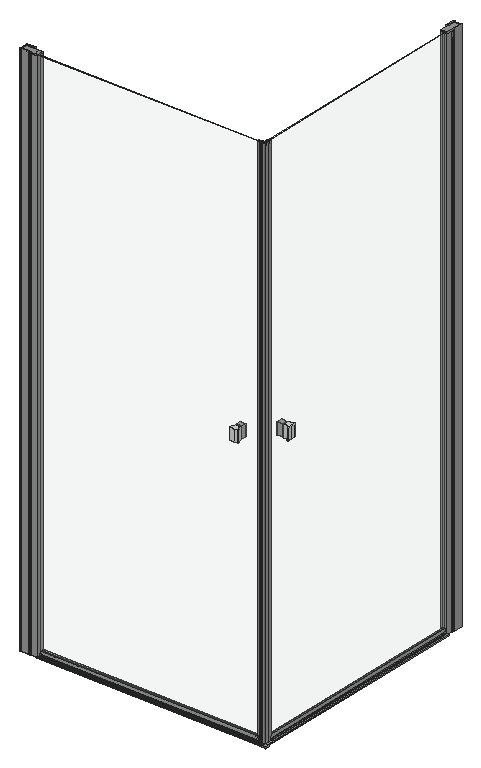
Revit family "Sanitary_Shower-screens_Duscholux_D2Swing_Pivot-twin-doors-angle-acces-shower", category Aparatos sanitarios, Revit 2019
Family settings
  Cota de conector redondo = Diámetro de uso
  Tipo de pieza = Normal
  Número OmniClass = 23.45.00.00
  Título OmniClass = Sanitary, Laundry, and Cleaning Equipment
  Se basa en plano de trabajo = No
  Siempre vertical = Sí
  Corte con vacíos al cargar = No
  Compartido = No
  Punto de cálculo de habitación = No
Parameters (values of type "Black Aluminium Finish")
  Width lateral side = 900 mm
  Width front side = 900 mm
  URL = "http://www.duscholux.es/"
  Thickness Glass = 5 mm  # constant formula
  Technical Inspection Certificate (Applus) = "https://www.duscholux.es/es/Descargas/"
  Series = "D2"
  Ref. = "SPF / SPG"
  Products = "http://www.duscholux.es/mamparas_filtro.aspx?es"
  Opening lateral angle = 0.00°
  Opening System Image = "http://blob.duscholux.es/pluma512/AD2pabatible180.gif"
  Opening System = "Pivot Door"
  Opening front angle = 0.00°
  Modelo = "D2 Swing"
  Min Max Width lateral side = if(Width lateral side < 500 mm, 500 mm, if(Width lateral side > 1100 mm, 1100 mm, Width lateral side))  # 900 mm
  Min Max Width front side = if(Width front side < 500 mm, 500 mm, if(Width front side > 1100 mm, 1100 mm, Width front side))  # 900 mm
  Max Height = if(Height > 2000 mm, 2000 mm, Height)  # 2000 mm
  Maintenance and Cleaning = "https://www.duscholux.es/es/Cuidado-y-limpieza/"
  Lateral door aperture = Min Max Width lateral side - 17.8 mm - 52.6 mm  # 829.6 mm
  Image = "https://www.duscholux.es/medium/D2_SWING_AD_2P_PLATA.jpg?m=7408&w=960&h=768&g=0"
  Height = 2000 mm
  Handle Material = Anodized Aluminium_Duscholux Material-Black Finish
  Handle Height = Max Height / 2  # 1000 mm
  Glass in Building UNE EN 12150 = "CE Conformity marking"
  Glass Material = Glass_Material-Duscholux
  Frame Material = Anodized Aluminium_Duscholux Material-Black Finish
  Fact Sheet = "https://www.duscholux.es/es/Producto/D2-Swing-Angular-para-ducha-de-2-puertas-abatibles-180%C2%BA"
  Fabricante = "Duscholux Ibérica, S.A."
  Environmental Management ISO 14001 = "ECOEMBES Certificate"
  Front door aperture = Min Max Width front side - 17.8 mm - 52.6 mm  # 829.6 mm
  Descripción = "Pivot twin doors at 180º with angle access. for shower"
  Código de montaje = "C1030200"
  Configuration enclosure = "http://configuratumampara.duscholux.es/eCatalogo.aspx"
  Components = "Eropean components"
  Type Comments = ""
  Combinations = "Lateral 90° / Lateral180°"
  Certified Quality UNE EN 14428 = "http://www.duscholux.es/duscholux_downloads.aspx?es"
  Accesories Material = Plastic_Duscholux Material-Black Finish
Types (4, lengths in mm): name | Handle Material | Frame Material | Accesories Material
  (no name) | Anodized Aluminium_Duscholux Material-Black Finish | Anodized Aluminium_Duscholux Material-Black Finish | Plastic_Duscholux Material-Black Finish
  Shiny silver Finish | Zamac_Duscholux Material-Chrome Finish | Anodized Aluminium_Duscholux Material-Shiny Silver Finish | Plastic_Duscholux Material-Gray Finish
  Matte Silver Aluminium Finish | Zamac_Duscholux Material-Matte Silver Finish | Anodized Aluminium_Duscholux Material-Matte Silver Finish | Plastic_Duscholux Material-Gray Finish
  Black Aluminium Finish | Anodized Aluminium_Duscholux Material-Black Finish | Anodized Aluminium_Duscholux Material-Black Finish | Plastic_Duscholux Material-Black Finish
Reference planes
  plane 1 "Centro (Frontal/Posterior)": y = 0
  plane 2: z = 0
  plane 3 "Centro (Izquierda/Derecha)": x = 0
  plane 4: x = 52.584
  plane 5: z = 2000
  plane 6: x = 900
  plane 7: z = 1000
  plane 8: z = 0
  plane 9: z = 8
  plane 10: z = 1996
  plane 11: x = 882.223
  plane 12: y = -5.6
  plane 13: y = 841.8
  plane 14: y = 894.4
  plane 15: y = 12.2
  plane 16: x = 894.362
Forms (mm)
  Extrusion 1, solid, material "Glass_Material-Duscholux" <- "Glass Material"
    sketch origin (55.749, 15.3, 0) x (1, 0, 0) y (0, 1, 0)
      loop
        line (-3.164, -12.8) -> (-3.164, -17.8) -> (826.436, -17.8) -> (826.436, -12.8) -> (-3.164, -12.8)
    from 8 to 1992
  Extrusion 2, solid, material "Anodized Aluminium_Duscholux Material-Black Finish" <- "Frame Material", detail levels fine
    sketch origin (0, 32.415, 0) x (0, 1, 0) y (0, 0, 1)
      loop
        line (-48.975, 0) -> (-40.915, 0) -> (-40.915, 3)
        arc (-40.915, 3) -> (-41.501, 4.414) -> (-42.915, 5) r 2
        line (-42.915, 5) -> (-46.975, 5)
        arc (-46.975, 5) -> (-48.389, 4.414) -> (-48.975, 3) r 2
        line (-48.975, 3) -> (-48.975, 0)
    from 64.706 to 900
  Extrusion 3, solid, material "Plástico, transparente"
    sketch origin (49.346, 0, 0) x (1, 0, 0) y (0, 1, 0)
      loop
        line (834.338, -5.1) -> (844.338, -5.1)
        arc (844.338, -5.1) -> (846.431, -3.325) -> (845.183, -0.881) r 2.21
        line (845.183, -0.881) -> (843.769, -2.295) -> (839.526, 1.947) -> (840.941, 3.362)
        arc (840.941, 3.362) -> (838.813, 4.666) -> (836.338, 4.987) r 5.977
        line (836.338, 4.987) -> (834.338, 4.987) -> (834.338, -5.1)
      loop
        line (832.838, -4.083) -> (821.955, -2.5) -> (821.955, -3.935) -> (832.086, -5.485)
        arc (832.086, -5.485) -> (832.84, -5.571) -> (833.599, -5.6) r 10
        line (833.599, -5.6) -> (844.338, -5.6)
        arc (844.338, -5.6) -> (846.732, -4.011) -> (846.203, -1.188) r 2.601
        line (846.203, -1.188) -> (840.902, 4.114)
        arc (840.902, 4.114) -> (839.268, 5.212) -> (837.338, 5.6) r 5.03
        line (837.338, 5.6) -> (833.599, 5.6)
        arc (833.599, 5.6) -> (832.84, 5.571) -> (832.086, 5.485) r 10
        line (832.086, 5.485) -> (821.955, 3.935) -> (821.955, 2.5) -> (832.838, 4.083) -> (832.838, -4.083)
    from 0 to 1992
  Extrusion 4, solid, material "Glass_Material-Duscholux" <- "Glass Material"
    sketch origin (894.362, 12.2, 0) x (0, 1, 0) y (-1, 0, 0)
      loop
        line (829.6, 2.5) -> (0, 2.5) -> (0, -2.5) -> (829.6, -2.5) -> (829.6, 2.5)
    from 8 to 1992
  Extrusion 5, solid, material "Plástico, transparente"
    sketch origin (894.362, 12.2, 0) x (0, 1, 0) y (-1, 0, 0)
      loop
        line (10.861, 2.5) -> (10.861, 3.935) -> (0.729, 5.485)
        arc (0.729, 5.485) -> (-0.025, 5.571) -> (-0.783, 5.6) r 10
        line (-0.783, 5.6) -> (-4.523, 5.6)
        arc (-4.523, 5.6) -> (-6.453, 5.212) -> (-8.086, 4.114) r 5.03
        line (-8.086, 4.114) -> (-13.388, -1.188)
        arc (-13.388, -1.188) -> (-13.916, -4.011) -> (-11.523, -5.6) r 2.601
        line (-11.523, -5.6) -> (-0.783, -5.6)
        arc (-0.783, -5.6) -> (-0.025, -5.571) -> (0.729, -5.485) r 10
        line (0.729, -5.485) -> (10.861, -3.935) -> (10.861, -2.5) -> (-0.023, -4.083) -> (-0.023, 4.083) -> (10.861, 2.5)
      loop
        arc (-12.368, -0.881) -> (-13.615, -3.325) -> (-11.523, -5.1) r 2.21
        line (-11.523, -5.1) -> (-1.523, -5.1) -> (-1.523, 4.987) -> (-3.523, 4.987)
        arc (-3.523, 4.987) -> (-5.997, 4.666) -> (-8.125, 3.362) r 5.977
        line (-8.125, 3.362) -> (-6.711, 1.947) -> (-10.953, -2.295) -> (-12.368, -0.881)
    from 0 to 1992
  Extrusion 6, solid, material "Plastic_Duscholux Material-Black Finish" <- "Accesories Material", detail levels fine
    sketch origin (-386, -1.6, 0) x (1, 0, 0) y (0, 1, 0)
      loop
        arc (1288.886, -5.45) -> (1288.461, -6.475) -> (1287.436, -6.9) r 1.45
        line (1287.436, -6.9) -> (1286, -6.9) -> (1286, -18) -> (1298, -18)
        arc (1298, -18) -> (1299.414, -17.414) -> (1300, -16) r 2
        line (1300, -16) -> (1300, -4) -> (1288.886, -4) -> (1288.886, -5.45)
    from 0 to 6
  Extrusion 7, solid, material "Anodized Aluminium_Duscholux Material-Black Finish" <- "Frame Material", detail levels fine
    sketch origin (-30, 0, 0) x (1, 0, 0) y (0, 0, 1)
      loop
        line (932.886, 0) -> (940.945, 0) -> (940.945, 3)
        arc (940.945, 3) -> (940.359, 4.414) -> (938.945, 5) r 2
        line (938.945, 5) -> (934.886, 5)
        arc (934.886, 5) -> (933.471, 4.414) -> (932.886, 3) r 2
        line (932.886, 3) -> (932.886, 0)
    from -829.679 to 5.6
  Extrusion 8, solid, material "Anodized Aluminium_Duscholux Material-Black Finish" <- "Frame Material"
    sketch origin (0, 0, 0) x (1, 0, 0) y (0, 1, 0)
      loop
        line (0, 19.189) -> (0, 10.882) -> (1.635, 10.882) -> (1.635, -11.305) -> (0, -11.305) -> (0, -13.118) -> (30.856, -13.118) -> (31.356, -11.8) -> (2.935, -11.8) -> (2.935, 11.8) -> (30.852, 11.8) -> (30.852, 19.189) -> (0, 19.189)
    from 0 to 2000
  Extrusion 9, solid, material "Anodized Aluminium_Duscholux Material-Black Finish" <- "Frame Material"
    sketch origin (0, 0, 0) x (1, 0, 0) y (0, 1, 0)
      loop
        line (36.017, 11.5) -> (6.017, 11.5) -> (6.017, 3.35) -> (20.907, 3.35) -> (20.907, -3.35) -> (6.017, -3.35) -> (6.017, -11.5) -> (36.017, -11.5) -> (36.017, -10.023) -> (36.642, -10.648)
        arc (36.642, -10.648) -> (37.699, -10.929) -> (37.913, -9.857) r 0.75
        arc (37.913, -9.857) -> (34.909, 0.004) -> (37.917, 9.863) r 17.675
        arc (37.917, 9.863) -> (37.7, 10.93) -> (36.647, 10.656) r 0.75
        line (36.647, 10.656) -> (36.017, 10.026) -> (36.017, 11.5)
    from 0 to 1996
  Extrusion 10, solid, material "Anodized Aluminium_Duscholux Material-Black Finish" <- "Frame Material"
    sketch origin (0, 0, 0) x (1, 0, 0) y (0, 1, 0)
      loop
        line (905.666, 894.4) -> (905.666, 892.75) -> (883.48, 892.75) -> (883.48, 894.4) -> (875.173, 894.4) -> (875.173, 863.533) -> (882.561, 863.533) -> (882.561, 891.45) -> (906.161, 891.45) -> (906.161, 863.028) -> (907.48, 863.528) -> (907.48, 894.4) -> (905.666, 894.4)
    from 0 to 2000
  Extrusion 11, solid, material "Anodized Aluminium_Duscholux Material-Black Finish" <- "Frame Material"
    sketch origin (0, 0, 0) x (1, 0, 0) y (0, 1, 0)
      loop
        line (891.011, 888.478) -> (882.861, 888.478) -> (882.861, 858.368) -> (884.335, 858.368) -> (883.706, 857.738)
        arc (883.706, 857.738) -> (883.432, 856.684) -> (884.499, 856.467) r 0.75
        arc (884.499, 856.467) -> (894.358, 859.475) -> (904.219, 856.471) r 17.675
        arc (904.219, 856.471) -> (905.29, 856.686) -> (905.01, 857.742) r 0.75
        line (905.01, 857.742) -> (904.384, 858.368) -> (905.861, 858.368) -> (905.861, 888.478) -> (897.711, 888.478) -> (897.711, 873.478) -> (891.011, 873.478) -> (891.011, 888.478)
    from 0 to 1996
  Extrusion 12, solid, material "Anodized Aluminium_Duscholux Material-Black Finish" <- "Frame Material"
    sketch origin (52.584, 0, 0) x (1, 0, 0) y (0, 1, 0)
      loop
        arc (-11.626, 11.499) -> (-12.99, 11.171) -> (-14.056, 10.258) r 3
        arc (-14.056, 10.258) -> (-17.379, -0.001) -> (-14.056, -10.26) r 17.5
        arc (-14.056, -10.26) -> (-12.99, -11.173) -> (-11.626, -11.501) r 3
        line (-11.626, -11.501) -> (12.121, -11.501) -> (12.121, -3.348) -> (-2.879, -3.348) -> (-2.879, 3.349) -> (12.121, 3.349) -> (12.121, 11.499) -> (-11.626, 11.499)
    from 0 to 1996
  Extrusion 13, solid, material "Anodized Aluminium_Duscholux Material-Black Finish" <- "Frame Material"
    sketch origin (894.362, 12.2, 0) x (0, 1, 0) y (-1, 0, 0)
      loop
        arc (841.226, -11.501) -> (842.59, -11.173) -> (843.656, -10.26) r 3
        arc (843.656, -10.26) -> (846.979, -0.001) -> (843.656, 10.258) r 17.5
        arc (843.656, 10.258) -> (842.59, 11.171) -> (841.226, 11.499) r 3
        line (841.226, 11.499) -> (817.479, 11.499) -> (817.479, 3.349) -> (832.455, 3.349) -> (832.455, -3.348) -> (817.479, -3.348) -> (817.479, -11.501) -> (841.226, -11.501)
    from 0 to 1996
  Extrusion 14, solid, material "Anodized Aluminium_Duscholux Material-Black Finish" <- "Frame Material"
    sketch origin (0, 0, 0) x (1, 0, 0) y (0, 1, 0)
      loop
        line (6.017, 11.5) -> (6.017, -11.501) -> (64.706, -11.501) -> (64.706, 11.5) -> (6.017, 11.5)
    from 1996 to 2000
  Extrusion 15, solid, material "Anodized Aluminium_Duscholux Material-Black Finish" <- "Frame Material"
    sketch origin (0, 0, 0) x (1, 0, 0) y (0, 1, 0)
      loop
        line (882.861, 888.478) -> (882.861, 829.679) -> (905.863, 829.679) -> (905.863, 888.478) -> (882.861, 888.478)
    from 1996 to 2000
Lines and regions (mm)
  reference lines
    curve 1: line (52.584, 0, 0) -> (882.184, 0, 0)
    curve 2: line (894.362, 12.2, 0) -> (894.362, 841.8, 0)
  model lines
    curve 3: line (52.584, 0, 0) -> (52.584, 829.6, 0)
    curve 4: line (52.584, 0, 0) -> (52.584, -829.6, 0)
    curve 5: arc (52.584, -829.6, 0) -> (882.184, 0, 0) -> (52.584, 829.6, 0) r 829.6
    curve 6: line (894.362, 841.8, 0) -> (1723.962, 841.8, 0)
    curve 7: line (894.362, 841.8, 0) -> (64.762, 841.8, 0)
    curve 8: arc (1723.962, 841.8, 0) -> (894.362, 12.2, 0) -> (64.762, 841.8, 0) r 829.6
Dimensions and locks
  plane 3 "Centro (Izquierda/Derecha)" to plane 4 = 52.584 mm
  "Thickness Glass": Extrusion 1 to Extrusion 1
  plane 9 to level = 8 mm
  "Max Height": plane 5 to level
  "Min Max Width front side": plane 3 "Centro (Izquierda/Derecha)" to plane 6
  "Handle Height": plane 7 to level
  "Front door aperture": curve 1 to curve 1
  locked: plane 5 to Extrusion 1 at 8
  locked: plane 5 to plane 10 at 4
  locked: plane 11 to plane 6 at 17.777
  locked: plane 15 to plane 12 at 17.8
  plane 14 to plane 13 = 52.6 mm
  plane 16 to plane 6 = 5.638 mm
  "Lateral door aperture": curve 2 to curve 2
  "Min Max Width lateral side": plane 14 to plane 12
  "Front door aperture": curve 3 to curve 3
  "Lateral door aperture": curve 7 to curve 7
  locked: plane 4 to Extrusion 2 at 12.121
  locked: plane 13 to Extrusion 7 at 12.121
  locked: nested 3 to Extrusion 1 at 84.883
  locked: nested 6 to Extrusion 1 at 84.883
  locked: Extrusion 4 to nested 4 at 84.861
  locked: Extrusion 4 to nested 5 at 84.861
  "Opening front angle": angle curve 1 to plane 1 "Centro (Frontal/Posterior)"
  "Opening lateral angle": angle plane 16 to curve 2
  aligned and locked: level to plane 2
  aligned and locked: plane 1 "Centro (Frontal/Posterior)" to curve 1
  aligned and locked: Extrusion 1 to plane 9
  aligned and locked: curve 1 to Extrusion 1
  aligned and locked: Extrusion 3 to Extrusion 1
  aligned and locked: nested 1 to Extrusion 3
  aligned and locked: plane 13 to curve 2
  aligned and locked: plane 16 to curve 2
  aligned and locked: Extrusion 1 to Extrusion 4
  aligned and locked: Extrusion 4 to Extrusion 1
  aligned and locked: Extrusion 5 to Extrusion 3
  aligned and locked: Extrusion 6 to plane 6
  aligned and locked: plane 12 to Extrusion 6
  aligned and locked: plane 6 to Extrusion 2
  aligned and locked: Extrusion 5 to nested 2
  aligned and locked: Extrusion 7 to plane 12
  aligned and locked: plane 4 to curve 1
  aligned and locked: plane 5 to Extrusion 8
  aligned and locked: plane 10 to Extrusion 9
  aligned and locked: plane 5 to Extrusion 10
  aligned and locked: plane 10 to Extrusion 11
  aligned and locked: nested 2 to Extrusion 13
  aligned and locked: Extrusion 12 to nested 1
  aligned and locked: plane 10 to Extrusion 12
  aligned and locked: plane 10 to Extrusion 13
  aligned and locked: plane 5 to Extrusion 14
  aligned and locked: Extrusion 14 to plane 10
  aligned and locked: plane 5 to Extrusion 15
  aligned and locked: Extrusion 15 to plane 10
  aligned and locked: nested 3 to plane 7
  aligned and locked: plane 7 to nested 4
  aligned and locked: plane 7 to nested 6
  aligned and locked: plane 7 to nested 5
Automatic sketch dimensions
  Extrusion 1 sketch curve to curve 1 = 0 mm
  Extrusion 1 sketch curve to curve 1 = 2.5 mm
  curve 1 to Extrusion 1 sketch curve = 2.5 mm
  curve 1 to Extrusion 1 sketch curve = 0 mm
  Extrusion 2 sketch curve to level = 0 mm
  Extrusion 2 sketch curve to plane 12 = 10.959 mm
  Extrusion 2 sketch curve to Extrusion 2 sketch curve = 2 mm
  Extrusion 2 sketch curve to Extrusion 2 sketch curve = 4.059 mm
  Extrusion 2 sketch curve to plane 12 = 2.9 mm
  level to Extrusion 2 sketch curve = 3 mm
  Extrusion 3 sketch curve to curve 1 = 0 mm
  Extrusion 3 sketch curve to curve 1 = 4.083 mm
  curve 1 to Extrusion 3 sketch curve = 4.083 mm
  Extrusion 3 sketch curve to curve 1 = 0.752 mm  (x2)
  Extrusion 3 sketch curve to curve 1 = 3.935 mm
  Extrusion 3 sketch curve to Extrusion 3 sketch curve = 10.132 mm
  curve 1 to Extrusion 3 sketch curve = 3.935 mm
  Extrusion 3 sketch curve to Extrusion 3 sketch curve = 0 mm  (x2)
  curve 1 to Extrusion 3 sketch curve = 0.761 mm  (x2)
  Extrusion 3 sketch curve to Extrusion 3 sketch curve = 0.739 mm
  Extrusion 3 sketch curve to Extrusion 3 sketch curve = 2 mm
  curve 1 to Extrusion 3 sketch curve = 0.97 mm
  curve 1 to Extrusion 3 sketch curve = 3.984 mm
  Extrusion 3 sketch curve to curve 1 = 0.57 mm
  Extrusion 3 sketch curve to Extrusion 3 sketch curve = 0.51 mm
  Extrusion 3 sketch curve to Extrusion 3 sketch curve = 1 mm
  Extrusion 3 sketch curve to curve 1 = 1.947 mm
  Extrusion 3 sketch curve to Extrusion 3 sketch curve = 2.194 mm
  Extrusion 3 sketch curve to Extrusion 3 sketch curve = 1.375 mm
  Extrusion 3 sketch curve to curve 1 = 3.362 mm
  Extrusion 3 sketch curve to Extrusion 3 sketch curve = 0.039 mm
  curve 1 to Extrusion 3 sketch curve = 2.295 mm
  Extrusion 3 sketch curve to Extrusion 3 sketch curve = 4.243 mm
  Extrusion 3 sketch curve to Extrusion 3 sketch curve = 0.495 mm
  Extrusion 3 sketch curve to Extrusion 3 sketch curve = 0.072 mm
  Extrusion 3 sketch curve to Extrusion 3 sketch curve = 0.003 mm
  curve 1 to Extrusion 3 sketch curve = 0.881 mm
  Extrusion 3 sketch curve to Extrusion 3 sketch curve = 1.414 mm
  curve 1 to Extrusion 3 sketch curve = 1.188 mm
  Extrusion 3 sketch curve to Extrusion 3 sketch curve = 1.02 mm
  Extrusion 3 sketch curve to curve 1 = 4.4 mm
  Extrusion 3 sketch curve to Extrusion 3 sketch curve = 0.7 mm
  Extrusion 3 sketch curve to curve 1 = 5.485 mm
  Extrusion 3 sketch curve to Extrusion 3 sketch curve = 0.5 mm
  Extrusion 3 sketch curve to Extrusion 3 sketch curve = 1.435 mm  (x2)
  Extrusion 3 sketch curve to Extrusion 3 sketch curve = 0.752 mm
  Extrusion 4 sketch curve to curve 2 = 0 mm  (x2)
  Extrusion 4 sketch curve to curve 2 = 2.5 mm
  curve 2 to Extrusion 4 sketch curve = 2.5 mm
  curve 2 to Extrusion 5 sketch curve = 1.188 mm
  Extrusion 5 sketch curve to curve 2 = 13.388 mm
  curve 2 to Extrusion 5 sketch curve = 0.881 mm
  Extrusion 5 sketch curve to Extrusion 5 sketch curve = 1.02 mm
  Extrusion 5 sketch curve to Extrusion 5 sketch curve = 0.845 mm
  Extrusion 5 sketch curve to Extrusion 5 sketch curve = 0 mm  (x2)
  Extrusion 5 sketch curve to Extrusion 5 sketch curve = 0.003 mm
  Extrusion 5 sketch curve to Extrusion 5 sketch curve = 0.072 mm
  curve 2 to Extrusion 5 sketch curve = 2.295 mm
  Extrusion 5 sketch curve to Extrusion 5 sketch curve = 0.495 mm
  Extrusion 5 sketch curve to Extrusion 5 sketch curve = 4.243 mm
  Extrusion 5 sketch curve to Extrusion 5 sketch curve = 0.039 mm
  Extrusion 5 sketch curve to curve 2 = 1.947 mm
  Extrusion 5 sketch curve to Extrusion 5 sketch curve = 1.414 mm  (x2)
  Extrusion 5 sketch curve to Extrusion 5 sketch curve = 3.564 mm
  Extrusion 5 sketch curve to curve 2 = 0.57 mm
  Extrusion 5 sketch curve to Extrusion 5 sketch curve = 2.194 mm
  curve 2 to Extrusion 5 sketch curve = 0.97 mm
  Extrusion 5 sketch curve to Extrusion 5 sketch curve = 0.51 mm
  Extrusion 5 sketch curve to Extrusion 5 sketch curve = 1 mm
  Extrusion 5 sketch curve to curve 2 = 1.523 mm
  Extrusion 5 sketch curve to curve 2 = 0.783 mm  (x2)
  Extrusion 5 sketch curve to curve 2 = 0.023 mm
  curve 2 to Extrusion 5 sketch curve = 0.729 mm  (x2)
  curve 2 to Extrusion 5 sketch curve = 3.935 mm
  Extrusion 5 sketch curve to Extrusion 5 sketch curve = 10.132 mm
  Extrusion 5 sketch curve to curve 2 = 3.935 mm
  Extrusion 5 sketch curve to curve 2 = 4.083 mm
  Extrusion 5 sketch curve to curve 2 = 4.4 mm
  Extrusion 5 sketch curve to Extrusion 5 sketch curve = 2.805 mm
  Extrusion 5 sketch curve to curve 2 = 5.485 mm
  Extrusion 5 sketch curve to Extrusion 5 sketch curve = 0.5 mm
  Extrusion 5 sketch curve to Extrusion 5 sketch curve = 1.435 mm  (x2)
  curve 2 to Extrusion 5 sketch curve = 4.083 mm
  Extrusion 5 sketch curve to Extrusion 5 sketch curve = 0.752 mm
  Extrusion 6 sketch curve to plane 6 = 0 mm
  Extrusion 6 sketch curve to plane 12 = 0 mm
  plane 6 to Extrusion 6 sketch curve = 1.436 mm
  Extrusion 6 sketch curve to Extrusion 6 sketch curve = 1.45 mm  (x2)
  plane 6 to Extrusion 6 sketch curve = 12 mm
  Extrusion 6 sketch curve to Extrusion 6 sketch curve = 2 mm
  Extrusion 6 sketch curve to Extrusion 6 sketch curve = 12 mm
  Extrusion 7 sketch curve to level = 0 mm
  level to Extrusion 7 sketch curve = 3 mm
  plane 6 to Extrusion 7 sketch curve = 2.886 mm
  Extrusion 7 sketch curve to Extrusion 7 sketch curve = 2 mm  (x2)
  Extrusion 7 sketch curve to Extrusion 7 sketch curve = 4.059 mm
  Extrusion 8 sketch curve to plane 3 "Centro (Izquierda/Derecha)" = 0 mm  (x2)
  plane 3 "Centro (Izquierda/Derecha)" to Extrusion 8 sketch curve = 1.635 mm
  Extrusion 8 sketch curve to Extrusion 8 sketch curve = 1.3 mm
  plane 15 to Extrusion 8 sketch curve = 6.989 mm
  plane 4 to Extrusion 8 sketch curve = 21.733 mm
  Extrusion 8 sketch curve to plane 15 = 0.4 mm
  Extrusion 8 sketch curve to plane 15 = 1.318 mm
  Extrusion 8 sketch curve to plane 12 = 5.705 mm
  Extrusion 8 sketch curve to Extrusion 8 sketch curve = 0.495 mm
  Extrusion 8 sketch curve to Extrusion 8 sketch curve = 1.814 mm
  plane 4 to Extrusion 8 sketch curve = 21.728 mm
  Extrusion 8 sketch curve to Extrusion 8 sketch curve = 0.5 mm
  plane 1 "Centro (Frontal/Posterior)" to Extrusion 9 sketch curve = 0 mm
  Extrusion 9 sketch curve to plane 4 = 0 mm
  Extrusion 9 sketch curve to plane 15 = 1.907 mm
  plane 4 to Extrusion 9 sketch curve = 15.281 mm
  Extrusion 9 sketch curve to plane 12 = 4.692 mm
  Extrusion 9 sketch curve to plane 15 = 1.544 mm
  Extrusion 9 sketch curve to Extrusion 9 sketch curve = 0.657 mm
  Extrusion 9 sketch curve to plane 15 = 2.174 mm
  Extrusion 9 sketch curve to Extrusion 9 sketch curve = 0.63 mm
  Extrusion 9 sketch curve to Extrusion 9 sketch curve = 1.285 mm
  Extrusion 9 sketch curve to plane 1 "Centro (Frontal/Posterior)" = 3.35 mm
  Extrusion 9 sketch curve to Extrusion 9 sketch curve = 15.11 mm
  plane 12 to Extrusion 9 sketch curve = 2.25 mm
  plane 3 "Centro (Izquierda/Derecha)" to Extrusion 9 sketch curve = 6.017 mm  (x2)
  Extrusion 9 sketch curve to Extrusion 9 sketch curve = 1.208 mm
  Extrusion 9 sketch curve to plane 15 = 0.7 mm
  Extrusion 9 sketch curve to Extrusion 9 sketch curve = 0.614 mm
  Extrusion 9 sketch curve to Extrusion 9 sketch curve = 0.611 mm
  Extrusion 9 sketch curve to Extrusion 9 sketch curve = 0.66 mm
  Extrusion 9 sketch curve to plane 12 = 5.048 mm
  Extrusion 9 sketch curve to plane 12 = 4.423 mm
  Extrusion 10 sketch curve to plane 14 = 0 mm  (x2)
  Extrusion 10 sketch curve to plane 11 = 7.049 mm
  plane 11 to Extrusion 10 sketch curve = 0.339 mm
  plane 11 to Extrusion 10 sketch curve = 1.257 mm
  Extrusion 10 sketch curve to plane 14 = 1.65 mm
  plane 6 to Extrusion 10 sketch curve = 5.666 mm
  Extrusion 10 sketch curve to Extrusion 10 sketch curve = 1.814 mm
  Extrusion 10 sketch curve to Extrusion 10 sketch curve = 1.3 mm
  plane 13 to Extrusion 10 sketch curve = 21.733 mm
  Extrusion 10 sketch curve to Extrusion 10 sketch curve = 0.495 mm
  plane 13 to Extrusion 10 sketch curve = 21.728 mm
  Extrusion 10 sketch curve to Extrusion 10 sketch curve = 0.5 mm
  Extrusion 11 sketch curve to plane 13 = 0 mm
  Extrusion 11 sketch curve to plane 16 = 0 mm
  plane 16 to Extrusion 11 sketch curve = 3.35 mm
  plane 11 to Extrusion 11 sketch curve = 1.846 mm
  plane 11 to Extrusion 11 sketch curve = 0.639 mm
  Extrusion 11 sketch curve to plane 6 = 2.289 mm
  plane 6 to Extrusion 11 sketch curve = 4.384 mm
  Extrusion 11 sketch curve to Extrusion 11 sketch curve = 0.269 mm
  Extrusion 11 sketch curve to Extrusion 11 sketch curve = 0.356 mm
  Extrusion 11 sketch curve to Extrusion 11 sketch curve = 0.852 mm
  plane 13 to Extrusion 11 sketch curve = 15.281 mm
  plane 13 to Extrusion 11 sketch curve = 15.282 mm
  Extrusion 11 sketch curve to Extrusion 11 sketch curve = 0.66 mm
  Extrusion 11 sketch curve to Extrusion 11 sketch curve = 1.286 mm
  Extrusion 11 sketch curve to Extrusion 11 sketch curve = 0.625 mm
  Extrusion 11 sketch curve to Extrusion 11 sketch curve = 15.11 mm
  Extrusion 11 sketch curve to plane 14 = 5.922 mm  (x2)
  Extrusion 11 sketch curve to Extrusion 11 sketch curve = 0.431 mm
  Extrusion 11 sketch curve to Extrusion 11 sketch curve = 0.267 mm
  Extrusion 11 sketch curve to Extrusion 11 sketch curve = 0.363 mm
  Extrusion 11 sketch curve to Extrusion 11 sketch curve = 0.435 mm
  Extrusion 12 sketch curve to curve 1 = 2.879 mm
  curve 1 to Extrusion 12 sketch curve = 12.121 mm
  curve 1 to Extrusion 12 sketch curve = 3.348 mm
  Extrusion 12 sketch curve to Extrusion 12 sketch curve = 0 mm  (x2)
  curve 1 to Extrusion 12 sketch curve = 3.349 mm
  Extrusion 12 sketch curve to Extrusion 12 sketch curve = 8.15 mm
  Extrusion 12 sketch curve to curve 1 = 11.626 mm  (x2)
  curve 1 to Extrusion 12 sketch curve = 11.501 mm
  Extrusion 12 sketch curve to Extrusion 12 sketch curve = 3 mm
  Extrusion 12 sketch curve to Extrusion 12 sketch curve = 2.43 mm  (x2)
  curve 1 to Extrusion 12 sketch curve = 0.001 mm
  Extrusion 13 sketch curve to curve 2 = 12.121 mm
  Extrusion 13 sketch curve to Extrusion 13 sketch curve = 0 mm  (x2)
  curve 2 to Extrusion 13 sketch curve = 2.855 mm
  curve 2 to Extrusion 13 sketch curve = 11.501 mm
  curve 2 to Extrusion 13 sketch curve = 3.348 mm
  curve 2 to Extrusion 13 sketch curve = 3.349 mm
  curve 2 to Extrusion 13 sketch curve = 11.626 mm  (x2)
  Extrusion 13 sketch curve to Extrusion 13 sketch curve = 8.15 mm
  Extrusion 13 sketch curve to Extrusion 13 sketch curve = 3 mm
  Extrusion 13 sketch curve to Extrusion 13 sketch curve = 2.43 mm  (x2)
  curve 2 to Extrusion 13 sketch curve = 0.001 mm
  plane 3 "Centro (Izquierda/Derecha)" to Extrusion 14 sketch curve = 6.017 mm
  Extrusion 14 sketch curve to plane 12 = 5.901 mm
  Extrusion 14 sketch curve to plane 4 = 12.121 mm
  Extrusion 14 sketch curve to plane 15 = 0.7 mm
  plane 11 to Extrusion 15 sketch curve = 0.639 mm
  plane 6 to Extrusion 15 sketch curve = 5.863 mm
  Extrusion 15 sketch curve to plane 13 = 12.121 mm
  Extrusion 15 sketch curve to plane 14 = 5.922 mm
  curve 3 to plane 4 = 0 mm
  curve 8 to plane 13 = 0 mm
  curve 6 to plane 16 = 0 mm
  curve 8 to plane 16 = 0 mm
  plane 1 "Centro (Frontal/Posterior)" to curve 4 = 0 mm
  plane 1 "Centro (Frontal/Posterior)" to curve 5 = 0 mm
Nested families
  nested 1: "Lower-Guide" at (64.706, 0, 8), type "Lower-Guide", detail levels fine
    with built-in parameter 1001306 2.6463 (stored number, unit not read)
  nested 2: "Lower-Guide" at (894.267, 23.061, 8) x (0, 1, 0) z (0, 0, 1), type "Lower-Guide", detail levels fine
    with built-in parameter 1001306 2.6464 (stored number, unit not read)
  nested 3: "Handle-ext-SWING" at (797.301, -2.5, 1000) x (1, 0, 0) z (0, -1, 0), type "Handle-ext-SWING", detail levels medium+fine
  nested 4: "Handle-ext-SWING" at (896.862, 97.061, 1000) x (0, -1, 0) z (1, 0, 0), type "Handle-ext-SWING", detail levels medium+fine
  nested 5: "Handle-int-SWING" at (891.862, 97.061, 1000) x (0, 1, 0) z (-1, 0, 0), type "Handle-int-SWING", detail levels medium+fine
  nested 6: "Handle-int-SWING" at (797.301, 2.5, 1000) x (1, 0, 0) z (0, 1, 0), type "Handle-int-SWING", detail levels medium+fine
Definition of nested family "Lower-Guide"
  Parameters (values of type "2353MA")
    built-in parameter 1001306 [instance] = 500 mm
  Reference planes
    plane 1 "Centro (Frontal/Posterior)": y = 0
    plane 2: z = 0
    plane 3 "Izquierda": x = 0
    plane 4 "Derecha": x = 500
    plane 5: z = 0
  Forms (mm)
    Extrusion 1, solid
      sketch origin (0, 0, 0) x (0, 1, 0) y (0, 0, 1)
        loop
          line (-4.2, 0) -> (-3, 12) -> (-4.5, 12) -> (-5.692, 0.15)
          arc (-5.692, 0.15) -> (-5.345, -0.968) -> (-4.3, -1.497) r 1.5
          line (-4.3, -1.497) -> (-4.3, -5.874)
          arc (-4.3, -5.874) -> (-3.9, -6.274) -> (-3.5, -5.874) r 0.4
          line (-3.5, -5.874) -> (-3.5, -1.5) -> (3.5, -1.5) -> (3.5, -7.653)
          arc (3.5, -7.653) -> (3.9, -8.053) -> (4.3, -7.653) r 0.4
          line (4.3, -7.653) -> (4.3, -1.508) -> (5.754, -1.508) -> (11.976, -3.947)
          arc (11.976, -3.947) -> (12.62, -3.771) -> (12.515, -3.111) r 0.5
          line (12.515, -3.111) -> (9.056, -1.58)
          arc (9.056, -1.58) -> (6.398, 0.585) -> (5.211, 3.802) r 6.5
          line (5.211, 3.802) -> (4.5, 12) -> (3, 12) -> (4.2, 0) -> (-4.2, 0)
      from 0 to 500
  Lines and regions (mm)
    reference lines
      curve 1: line (0, 0, 0) -> (500, 0, 0)
  Dimensions and locks
    "built-in parameter 1001306": plane 3 "Izquierda" to plane 4 "Derecha"
    aligned and locked: plane 4 "Derecha" to curve 1
    aligned and locked: plane 1 "Centro (Frontal/Posterior)" to curve 1
    aligned and locked: plane 3 "Izquierda" to curve 1
    aligned and locked: level to plane 2
    aligned and locked: plane 4 "Derecha" to Extrusion 1
  Automatic sketch dimensions
    Extrusion 1 sketch curve to level = 0 mm  (x2)
    Extrusion 1 sketch curve to Extrusion 1 sketch curve = 0.4 mm  (x3)
    Extrusion 1 sketch curve to Extrusion 1 sketch curve = 0 mm  (x2)
    Extrusion 1 sketch curve to Extrusion 1 sketch curve = 1.5 mm  (x2)
    Extrusion 1 sketch curve to Extrusion 1 sketch curve = 1.454 mm
    Extrusion 1 sketch curve to level = 1.58 mm
    Extrusion 1 sketch curve to Extrusion 1 sketch curve = 3.301 mm
    level to Extrusion 1 sketch curve = 4.364 mm
    Extrusion 1 sketch curve to Extrusion 1 sketch curve = 2.632 mm
    Extrusion 1 sketch curve to level = 3.947 mm
    Extrusion 1 sketch curve to Extrusion 1 sketch curve = 2.921 mm
    Extrusion 1 sketch curve to Extrusion 1 sketch curve = 0.224 mm
    Extrusion 1 sketch curve to level = 3.111 mm
    Extrusion 1 sketch curve to Extrusion 1 sketch curve = 0.315 mm
    Extrusion 1 sketch curve to level = 5.874 mm
    Extrusion 1 sketch curve to Extrusion 1 sketch curve = 1.778 mm
    Extrusion 1 sketch curve to level = 1.508 mm
    Extrusion 1 sketch curve to level = 1.5 mm
    Extrusion 1 sketch curve to Extrusion 1 sketch curve = 0.003 mm
    level to Extrusion 1 sketch curve = 12 mm
    level to Extrusion 1 sketch curve = 0.15 mm
    plane 1 "Centro (Frontal/Posterior)" to Extrusion 1 sketch curve = 3 mm
    plane 1 "Centro (Frontal/Posterior)" to Extrusion 1 sketch curve = 3.5 mm
    Extrusion 1 sketch curve to Extrusion 1 sketch curve = 0.1 mm  (x2)
    Extrusion 1 sketch curve to plane 1 "Centro (Frontal/Posterior)" = 3 mm
    Extrusion 1 sketch curve to plane 1 "Centro (Frontal/Posterior)" = 3.5 mm
    Extrusion 1 sketch curve to Extrusion 1 sketch curve = 0.799 mm
    level to Extrusion 1 sketch curve = 3.802 mm
Definition of nested family "Handle-ext-SWING"
  Parameters (values of type "Handle-ext-SWING")
    Long. tirador = 43.6 mm
    Handle Material = none
    Default Elevation = 1219.2 mm
  Reference planes
    plane 1 "Centro (Frontal/Posterior)": y = 0
    plane 2: z = 0
    plane 3 "Centro (Izquierda/Derecha)": x = 0
    plane 4: y = 21.8
    plane 5: y = -21.8
    plane 6: x = -9.5
    plane 7: x = 9.5
    plane 8: z = 0
    plane 9: z = 19.911
  Forms (mm)
    Extrusion 1, solid
      sketch origin (0, 0, 0) x (1, 0, 0) y (0, 1, 0)
        loop
          line (-1219.2, 1219.2) -> (-1219.2, -1219.2) -> (1219.2, -1219.2) -> (1219.2, 1219.2) -> (-1219.2, 1219.2)
      from 0 to -304.8
    Extrusion 2, solid
      sketch origin (0, 0, 0) x (1, 0, 0) y (0, 0, 1)
        loop
          line (14.376, 19.911) -> (0, 19.911) -> (-14.376, 19.911)
          arc (-14.376, 19.911) -> (-15.225, 19.559) -> (-15.576, 18.711) r 1.2
          line (-15.576, 18.711) -> (-15.576, 17.307)
          arc (-15.576, 17.307) -> (-10.99, 9.188) -> (-9.4, 0) r 27.336
          line (-9.4, 0) -> (0, 0) -> (9.4, 0)
          arc (9.4, 0) -> (10.99, 9.188) -> (15.576, 17.307) r 27.336
          line (15.576, 17.307) -> (15.576, 18.711)
          arc (15.576, 18.711) -> (15.225, 19.559) -> (14.376, 19.911) r 1.2
      from -21.8 to 21.8
  Dimensions and locks
    equal spacing: plane 4, plane 1 "Centro (Frontal/Posterior)", plane 5
    equal spacing: plane 6, plane 3 "Centro (Izquierda/Derecha)", plane 7
    plane 6 to plane 7 = 19 mm
    "Long. tirador": plane 4 to plane 5
    locked: plane 9 to Extrusion 1 at 19.911
    aligned and locked: plane 2 to Extrusion 1
    aligned and locked: level to Extrusion 1
    aligned and locked: plane 4 to Extrusion 2
    aligned and locked: Extrusion 2 to plane 5
  Automatic sketch dimensions
    Extrusion 1 sketch curve to Extrusion 1 sketch curve = 2438.4 mm  (x2)
    Extrusion 2 sketch curve to plane 3 "Centro (Izquierda/Derecha)" = 0 mm  (x2)
    Extrusion 2 sketch curve to plane 9 = 1.2 mm  (x2)
    plane 7 to Extrusion 2 sketch curve = 4.876 mm
    Extrusion 2 sketch curve to Extrusion 2 sketch curve = 1.404 mm
    Extrusion 2 sketch curve to level = 0 mm
    plane 7 to Extrusion 2 sketch curve = 27.236 mm
    plane 6 to Extrusion 2 sketch curve = 0.1 mm
    Extrusion 2 sketch curve to plane 6 = 27.236 mm
    Extrusion 2 sketch curve to plane 9 = 2.604 mm
    Extrusion 2 sketch curve to plane 9 = 0 mm
Definition of nested family "Handle-int-SWING"
  Parameters (values of type "Handle-int-SWING")
    Long. tirador = 43.6 mm
    Handle Material = none
    Default Elevation = 1219.2 mm
  Reference planes
    plane 1 "Centro (Frontal/Posterior)": y = 0
    plane 2: z = 0
    plane 3 "Centro (Izquierda/Derecha)": x = 0
    plane 4: y = 21.8
    plane 5: y = -21.8
    plane 6: z = 0
  Forms (mm)
    Extrusion 1, solid
      sketch origin (0, 0, 0) x (1, 0, 0) y (0, 1, 0)
        loop
          line (-1219.2, 1219.2) -> (-1219.2, -1219.2) -> (1219.2, -1219.2) -> (1219.2, 1219.2) -> (-1219.2, 1219.2)
      from 0 to -304.8
    Extrusion 2, solid, material <- "Handle Material"
      sketch origin (0, 0, 0) x (1, 0, 0) y (0, 0, 1)
        loop
          arc (-9.44, 20.3) -> (-10.324, 19.916) -> (-10.647, 19.008) r 1.21
          line (-10.647, 19.008) -> (-9.356, 0) -> (9.356, 0) -> (10.647, 19.008)
          arc (10.647, 19.008) -> (10.324, 19.916) -> (9.44, 20.3) r 1.21
          line (9.44, 20.3) -> (-9.44, 20.3)
      from -21.8 to 21.8
  Dimensions and locks
    equal spacing: plane 4, plane 1 "Centro (Frontal/Posterior)", plane 5
    "Long. tirador": plane 4 to plane 5
    aligned and locked: plane 2 to Extrusion 1
    aligned and locked: level to Extrusion 1
    aligned and locked: plane 4 to Extrusion 2
    aligned and locked: Extrusion 2 to plane 5
  Automatic sketch dimensions
    Extrusion 1 sketch curve to Extrusion 1 sketch curve = 2438.4 mm  (x2)
    level to Extrusion 2 sketch curve = 19.09 mm
    Extrusion 2 sketch curve to Extrusion 2 sketch curve = 1.21 mm  (x2)
    Extrusion 2 sketch curve to level = 0 mm
    plane 3 "Centro (Izquierda/Derecha)" to Extrusion 2 sketch curve = 9.356 mm
    plane 3 "Centro (Izquierda/Derecha)" to Extrusion 2 sketch curve = 9.44 mm
    Extrusion 2 sketch curve to Extrusion 2 sketch curve = 1.207 mm  (x2)
    Extrusion 2 sketch curve to plane 3 "Centro (Izquierda/Derecha)" = 9.356 mm
    Extrusion 2 sketch curve to plane 3 "Centro (Izquierda/Derecha)" = 9.44 mm
